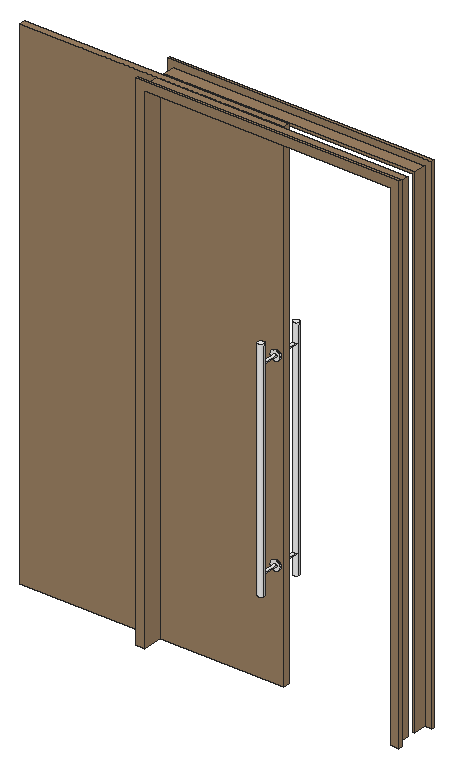
Revit family
Parameters (values of type "1.00mx2.00m")
  Material Painel [instance] = Porta_Material
  Material Aro = Porta_Material
  Function = (empty or 0)
  Frame Projection Ext. = 0.025 m
  Frame Projection Int. = 0.025 m
  Frame Width = 0.075 m
  Height = 2.000 m
  Wall Closure = (empty or 0)
  Width = 1.000 m
  Espessura Porta = 0.035 m
  Dist_Porta = 0.050 m
  Comp_Painel = Width + 0.050 m  # 1.050 m
  Abertura [instance] = 0.500 m
  A [instance] = if(Abertura > Width - 0.050 m, Width - 0.050 m, Abertura)  # 0.500 m
Types (4, lengths in m): name | Width | Comp_Painel | Abertura | A
  (no name) | 1.000 | 1.050 | 0.500 | 0.500
  1.00mx2.00m | 1.000 | 1.050 | 0.500 | 0.500
  0.80mx2.00m | 0.800 | 0.850 | 0.100 | 0.100
  1.20mx2.00m | 1.200 | 1.250 | 0.250 | 0.250
Reference planes (m)
  plane 1: y = 0.014272
  plane 2 "Center (Left/Right)": x = -0.02
  plane 3: z = 2
  plane 4 "Exterior": y = 0.089272
  plane 5 "Interior": y = -0.060728
  plane 6: x = -0.52
  plane 7: x = 0.48
  plane 8: x = -1.52
  plane 9: y = 0.039272
  plane 10: y = 0.004272
  plane 11: x = -0.02
  plane 12: x = -1.07
  plane 13: x = -0.05
Forms (m)
  Extrusion 1, void
    sketch origin (0, 0, 0) x (1, 0, 0) y (0, 1, 0)
      loop
        line (-0.52, 0.089272) -> (-0.52, 0.039272) -> (-1.52, 0.039272) -> (-1.52, 0.004272) -> (-0.52, 0.004272) -> (-0.52, -0.060728) -> (0.48, -0.060728) -> (0.48, 0.089272) -> (-0.52, 0.089272)
    from 0 to 2
  Extrusion 2, solid, material "Porta_Material" <- "Material Painel"
    sketch origin (0, 0, 0) x (1, 0, 0) y (0, 1, 0)
      loop
        line (-1.07, 0.034272) -> (-1.07, 0.009272) -> (-0.02, 0.009272) -> (-0.02, 0.034272) -> (-1.07, 0.034272)
    from 0 to 2
  Sweep 3, solid, material "Porta_Material" <- "Material Aro", detail levels medium+fine
    path in 3D
      loop
        line (0.48, 0.089272, 0) -> (0.48, 0.089272, 2) -> (-0.52, 0.089272, 2) -> (-0.52, 0.089272, 0)
    profile origin (0.48, 0.089272, 1) x (0, 1, 0) y (-1, 0, 0)
      loop
        line (-0.05, 0.01) -> (-0.05, 0) -> (0, 0) -> (0, -0.025) -> (0.01, -0.025) -> (0.01, 0.01) -> (-0.05, 0.01)
      loop
        line (-0.085, 0.01) -> (-0.16, 0.01) -> (-0.16, -0.025) -> (-0.15, -0.025) -> (-0.15, 0) -> (-0.085, 0) -> (-0.085, 0.01)
Lines and regions (m)
  sketch lines
    curve 1: line (0.48, 0.089272, 0) -> (0.48, 0.089272, 2)
    curve 2: line (0.48, 0.089272, 2) -> (-0.52, 0.089272, 2)
    curve 3: line (-0.52, 0.089272, 2) -> (-0.52, 0.089272, 0)
  symbolic lines, style "Plan Swing"
    curve 4: line (-0.32, 0.066004, 0) -> (-0.195, 0.066004, 0)
    curve 5: line (-0.195, 0.066004, 0) -> (-0.195, 0.076004, 0)
    curve 6: line (-0.32, 0.066004, 0) -> (-0.32, 0.058539, 0)
    curve 7: line (-0.32, 0.058539, 0) -> (-0.195, 0.058539, 0)
    curve 8: line (-0.195, 0.058539, 0) -> (-0.195, 0.048539, 0)
    curve 9: line (-0.195, 0.076004, 0) -> (-0.15, 0.062272, 0)
    curve 10: line (-0.195, 0.048539, 0) -> (-0.15, 0.062272, 0)
Text (m)
  text "Exterior" at (-2.295016, 1.099543, 0), in view "Ref. Level"
  text "Exterior" at (0, 1.61538, 3.698081), in view "Left"
  text "Exterior" at (0, 1.036032, 3.874932), in view "Right"
Dimensions and locks (m)
  "Height": plane 3 to host wall
  host wall to plane 3 = 2.000 m  (x2)
  locked: plane 4 "Exterior" to host wall at 0
  locked: plane 5 "Interior" to host wall
  equal spacing: plane 6, plane 2 "Center (Left/Right)", plane 7
  "Width": plane 6 to plane 7
  "Width": plane 8 to plane 6
  "Dist_Porta": plane 4 "Exterior" to plane 9
  "Espessura Porta": plane 9 to plane 10
  "A": plane 11 to plane 7
  "Comp_Painel": plane 12 to plane 11
  locked: Extrusion 2 sketch curve to plane 9 at 0.005
  locked: Extrusion 2 sketch curve to plane 10 at 0.005
  locked: plane 13 to plane 11 at 0.03
  locked: curve 7 to curve 4 at 0.007465
  locked: curve 6 to curve 10 at 0.17
  aligned and locked: plane 1 to host wall
  aligned and locked: Extrusion 1 sketch curve to plane 8
  aligned and locked: Extrusion 1 sketch curve to plane 6  (x2)
  aligned and locked: plane 7 to Extrusion 1 sketch curve
  aligned and locked: Extrusion 1 sketch curve to plane 5 "Interior"
  aligned and locked: plane 4 "Exterior" to Extrusion 1 sketch curve
  aligned and locked: Extrusion 1 to plane 3
  aligned and locked: plane 12 to Extrusion 2 sketch curve
  aligned and locked: plane 11 to Extrusion 2 sketch curve
  aligned and locked: Extrusion 2 to plane 3
  aligned and locked: plane 9 to Sweep 3 sketch curve
  aligned and locked: plane 7 to Sweep 3 sketch curve  (x2)
  aligned and locked: plane 10 to Sweep 3 sketch curve
  aligned and locked: Extrusion 2 to nested 1
  aligned and locked: nested 2 to Extrusion 2
  aligned and locked: nested 2 to plane 13
  aligned and locked: plane 13 to nested 1
  aligned and locked: plane 5 "Interior" to Sweep 3 sketch curve
  aligned and locked: profile plane to Sweep 3 sketch curve
Automatic sketch dimensions
  Extrusion 1 sketch curve to plane 10 = 0.000 m
  Extrusion 1 sketch curve to plane 9 = 0.000 m
  Sweep 3 sketch curve to Sweep 3 sketch curve = 0.010 m  (x2)
  Sweep 3 sketch curve to profile plane = 0.025 m
  Sweep 3 sketch curve to Sweep 3 sketch curve = 0.025 m
  profile plane to Sweep 3 sketch curve = 0.010 m  (x2)
  curve 4 to curve 5 = 0.125 m
  curve 4 to host wall = 0.023267 m
  curve 7 to curve 4 = 0.000 m
  curve 7 to plane 6 = 0.200 m
  curve 9 to host wall = 0.013267 m
  plane 9 to curve 10 = 0.009267 m
  plane 9 to curve 9 = 0.023 m
Nested families (m)
  nested 1: "Handle (3)" at (-0.115, 0.009272, 0.8), type "Handle (3)", detail levels fine
  nested 2: "Handle (3)" at (-0.115, 0.034272, 0.8), type "Handle (3)", detail levels fine
Definition of nested family "Handle (3)"
  Parameters (values of type "Handle (3)")
    Manufacturer = "Revit"
    Ironmongery Material = Ironmongery - SS
    Handle Z Distance = 0.000 m
    Handle X Distance = 0.065 m
    Handle Offset = 0.075 m
    Handle Depth = 0.750 m
    Function = (empty or 0)
  Reference planes (m)
    plane 1 "Center (Front/Back)": y = 0
    plane 2: z = 0
    plane 3 "Center (Left/Right)": x = 0
    plane 4: z = 0
    plane 5: x = 0.065
    plane 6: z = 0.375
    plane 7: z = -0.375
    plane 8: y = 0.075
    plane 9: z = 0.45
    plane 10: z = -0.45
  Forms (m)
    Extrusion 1, solid, material "Ironmongery - SS" <- "Ironmongery Material"
      sketch origin (0, 0, 0) x (1, 0, 0) y (0, 0, 1)
        loop
          circle (0.065, 0.375) r 0.02
        loop
          circle (0.065, -0.375) r 0.02
      from 0 to -0.004
    Extrusion 2, solid, material "Ironmongery - SS" <- "Ironmongery Material"
      sketch origin (0, 0.004, 0) x (-1, 0, 0) y (0, 0, 1)
        loop
          circle (-0.065, 0.375) r 0.005
        loop
          circle (-0.065, -0.375) r 0.005
      from 0 to 0.071
    Extrusion 3, solid, material "Ironmongery - SS" <- "Ironmongery Material"
      sketch origin (0, 0, 0) x (1, 0, 0) y (0, 1, 0)
        loop
          circle (0.065, 0.075) r 0.012
      from -0.45 to 0.45
  Dimensions and locks (m)
    "Handle Z Distance": plane 4 to level
    "Handle X Distance": plane 5 to plane 3 "Center (Left/Right)"
    equal spacing: plane 6, plane 4, plane 7
    "Handle Depth": plane 6 to plane 7
    "Handle Offset": plane 1 "Center (Front/Back)" to plane 8
    locked: plane 6 to plane 9 at 0.075
    locked: plane 10 to plane 7 at 0.075
    aligned and locked: Extrusion 2 to plane 8
    aligned and locked: Extrusion 3 to plane 9
    aligned and locked: plane 10 to Extrusion 3
  Automatic sketch dimensions
    Extrusion 1 sketch curve to plane 5 = 0.000 m  (x2)
    Extrusion 1 sketch curve to plane 7 = 0.000 m
    Extrusion 1 sketch curve to plane 6 = 0.000 m
    Extrusion 2 sketch curve to plane 5 = 0.000 m  (x2)
    Extrusion 2 sketch curve to plane 7 = 0.000 m
    Extrusion 2 sketch curve to plane 6 = 0.000 m
    Extrusion 3 sketch curve to plane 5 = 0.000 m
    Extrusion 3 sketch curve to plane 8 = 0.000 m
    radius of Extrusion 1 sketch curve = 0.020 m  (x2)
    radius of Extrusion 2 sketch curve = 0.005 m  (x2)
    radius of Extrusion 3 sketch curve = 0.012 m
